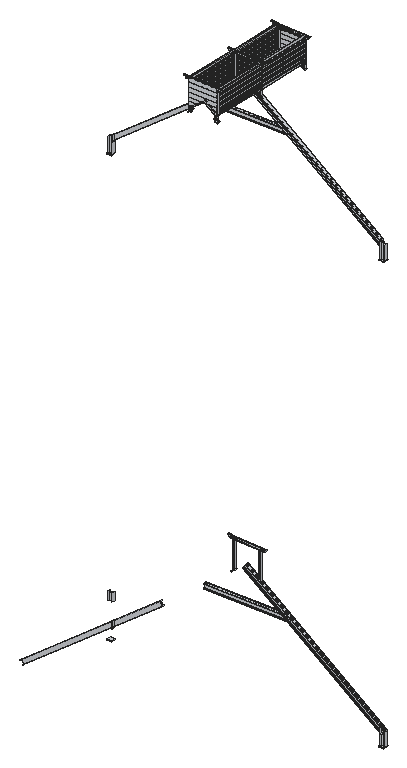
Revit family "STC_A3-Roof-Vent-Steel", category Generic Models, Revit 2016 (continued)
Forms (mm)
  Sweep 93, solid
    path origin (0, 0, 0) x (0, 1, 0) y (0, 0, 1)
      loop
        line (-2572.594, 6069.308) -> (-2572.594, 5139.308) -> (-122.594, 5139.308) -> (-122.594, 6069.308) -> (-2572.594, 6069.308)
    profile origin (0, -1347.594, 6069.308) x (0, 0, 1) y (1, 0, 0)
      loop
        line (-8, -659) -> (32, -659) -> (32, -651) -> (0, -651) -> (0, -609) -> (-8, -609) -> (-8, -659)
      loop
        line (-8, 659) -> (-8, 609) -> (0, 609) -> (0, 651) -> (32, 651) -> (32, 659) -> (-8, 659)
  Extrusion 94, solid
    sketch origin (0, -97.594, 0) x (1, 0, 0) y (0, 0, -1)
      loop
        line (-659, -5139.308) -> (-659, -5131.308) -> (-661.3, -5131.308) -> (-661.3, -5140.19) -> (-616.25, -5185.24) -> (-616.25, -5193.308) -> (-614, -5193.308) -> (-614, -5184.308) -> (-659, -5139.308)
      loop
        line (-659, -5190.366) -> (-659, -5182.366) -> (-661.3, -5182.366) -> (-661.3, -5191.248) -> (-616.25, -5236.298) -> (-616.25, -5244.366) -> (-614, -5244.366) -> (-614, -5235.366) -> (-659, -5190.366)
      loop
        line (-659, -5241.425) -> (-659, -5233.425) -> (-661.3, -5233.425) -> (-661.3, -5242.307) -> (-616.25, -5287.357) -> (-616.25, -5295.425) -> (-614, -5295.425) -> (-614, -5286.425) -> (-659, -5241.425)
      loop
        line (-659, -5292.484) -> (-659, -5284.484) -> (-661.3, -5284.484) -> (-661.3, -5293.366) -> (-616.25, -5338.416) -> (-616.25, -5346.484) -> (-614, -5346.484) -> (-614, -5337.484) -> (-659, -5292.484)
      loop
        line (-659, -5343.543) -> (-659, -5335.543) -> (-661.3, -5335.543) -> (-661.3, -5344.425) -> (-616.25, -5389.475) -> (-616.25, -5397.543) -> (-614, -5397.543) -> (-614, -5388.543) -> (-659, -5343.543)
      loop
        line (-659, -5394.602) -> (-659, -5386.602) -> (-661.3, -5386.602) -> (-661.3, -5395.484) -> (-616.25, -5440.534) -> (-616.25, -5448.602) -> (-614, -5448.602) -> (-614, -5439.602) -> (-659, -5394.602)
      loop
        line (-659, -5445.661) -> (-659, -5437.661) -> (-661.3, -5437.661) -> (-661.3, -5446.543) -> (-616.25, -5491.593) -> (-616.25, -5499.661) -> (-614, -5499.661) -> (-614, -5490.661) -> (-659, -5445.661)
      loop
        line (-659, -5496.719) -> (-659, -5488.719) -> (-661.3, -5488.719) -> (-661.3, -5497.601) -> (-616.25, -5542.651) -> (-616.25, -5550.719) -> (-614, -5550.719) -> (-614, -5541.719) -> (-659, -5496.719)
      loop
        line (-659, -5547.778) -> (-659, -5539.778) -> (-661.3, -5539.778) -> (-661.3, -5548.66) -> (-616.25, -5593.71) -> (-616.25, -5601.778) -> (-614, -5601.778) -> (-614, -5592.778) -> (-659, -5547.778)
      loop
        line (-659, -5598.837) -> (-659, -5590.837) -> (-661.3, -5590.837) -> (-661.3, -5599.719) -> (-616.25, -5644.769) -> (-616.25, -5652.837) -> (-614, -5652.837) -> (-614, -5643.837) -> (-659, -5598.837)
      loop
        line (-659, -5649.896) -> (-659, -5641.896) -> (-661.3, -5641.896) -> (-661.3, -5650.778) -> (-616.25, -5695.828) -> (-616.25, -5703.896) -> (-614, -5703.896) -> (-614, -5694.896) -> (-659, -5649.896)
      loop
        line (-659, -5700.955) -> (-659, -5692.955) -> (-661.3, -5692.955) -> (-661.3, -5701.837) -> (-616.25, -5746.887) -> (-616.25, -5754.955) -> (-614, -5754.955) -> (-614, -5745.955) -> (-659, -5700.955)
      loop
        line (-659, -5752.014) -> (-659, -5744.014) -> (-661.3, -5744.014) -> (-661.3, -5752.896) -> (-616.25, -5797.946) -> (-616.25, -5806.014) -> (-614, -5806.014) -> (-614, -5797.014) -> (-659, -5752.014)
      loop
        line (-659, -5803.072) -> (-659, -5795.072) -> (-661.3, -5795.072) -> (-661.3, -5803.954) -> (-616.25, -5849.004) -> (-616.25, -5857.072) -> (-614, -5857.072) -> (-614, -5848.072) -> (-659, -5803.072)
      loop
        line (-659, -5854.131) -> (-659, -5846.131) -> (-661.3, -5846.131) -> (-661.3, -5855.013) -> (-616.25, -5900.063) -> (-616.25, -5908.131) -> (-614, -5908.131) -> (-614, -5899.131) -> (-659, -5854.131)
      loop
        line (-659, -5905.19) -> (-659, -5897.19) -> (-661.3, -5897.19) -> (-661.3, -5906.072) -> (-616.25, -5951.122) -> (-616.25, -5959.19) -> (-614, -5959.19) -> (-614, -5950.19) -> (-659, -5905.19)
      loop
        line (-659, -5956.249) -> (-659, -5948.249) -> (-661.3, -5948.249) -> (-661.3, -5957.131) -> (-616.25, -6002.181) -> (-616.25, -6010.249) -> (-614, -6010.249) -> (-614, -6001.249) -> (-659, -5956.249)
      loop
        line (-659, -6007.308) -> (-659, -5999.308) -> (-661.3, -5999.308) -> (-661.3, -6008.19) -> (-616.25, -6053.24) -> (-616.25, -6061.308) -> (-614, -6061.308) -> (-614, -6052.308) -> (-659, -6007.308)
      loop
        line (659, -5139.308) -> (614, -5184.308) -> (614, -5193.308) -> (616.25, -5193.308) -> (616.25, -5185.24) -> (661.3, -5140.19) -> (661.3, -5131.308) -> (659, -5131.308) -> (659, -5139.308)
      loop
        line (659, -5190.366) -> (614, -5235.366) -> (614, -5244.366) -> (616.25, -5244.366) -> (616.25, -5236.298) -> (661.3, -5191.248) -> (661.3, -5182.366) -> (659, -5182.366) -> (659, -5190.366)
      loop
        line (659, -5241.425) -> (614, -5286.425) -> (614, -5295.425) -> (616.25, -5295.425) -> (616.25, -5287.357) -> (661.3, -5242.307) -> (661.3, -5233.425) -> (659, -5233.425) -> (659, -5241.425)
      loop
        line (659, -5292.484) -> (614, -5337.484) -> (614, -5346.484) -> (616.25, -5346.484) -> (616.25, -5338.416) -> (661.3, -5293.366) -> (661.3, -5284.484) -> (659, -5284.484) -> (659, -5292.484)
      loop
        line (659, -5343.543) -> (614, -5388.543) -> (614, -5397.543) -> (616.25, -5397.543) -> (616.25, -5389.475) -> (661.3, -5344.425) -> (661.3, -5335.543) -> (659, -5335.543) -> (659, -5343.543)
      loop
        line (659, -5394.602) -> (614, -5439.602) -> (614, -5448.602) -> (616.25, -5448.602) -> (616.25, -5440.534) -> (661.3, -5395.484) -> (661.3, -5386.602) -> (659, -5386.602) -> (659, -5394.602)
      loop
        line (659, -5445.661) -> (614, -5490.661) -> (614, -5499.661) -> (616.25, -5499.661) -> (616.25, -5491.593) -> (661.3, -5446.543) -> (661.3, -5437.661) -> (659, -5437.661) -> (659, -5445.661)
      loop
        line (659, -5496.719) -> (614, -5541.719) -> (614, -5550.719) -> (616.25, -5550.719) -> (616.25, -5542.651) -> (661.3, -5497.601) -> (661.3, -5488.719) -> (659, -5488.719) -> (659, -5496.719)
      loop
        line (659, -5547.778) -> (614, -5592.778) -> (614, -5601.778) -> (616.25, -5601.778) -> (616.25, -5593.71) -> (661.3, -5548.66) -> (661.3, -5539.778) -> (659, -5539.778) -> (659, -5547.778)
      loop
        line (659, -5598.837) -> (614, -5643.837) -> (614, -5652.837) -> (616.25, -5652.837) -> (616.25, -5644.769) -> (661.3, -5599.719) -> (661.3, -5590.837) -> (659, -5590.837) -> (659, -5598.837)
      loop
        line (659, -5649.896) -> (614, -5694.896) -> (614, -5703.896) -> (616.25, -5703.896) -> (616.25, -5695.828) -> (661.3, -5650.778) -> (661.3, -5641.896) -> (659, -5641.896) -> (659, -5649.896)
      loop
        line (659, -5700.955) -> (614, -5745.955) -> (614, -5754.955) -> (616.25, -5754.955) -> (616.25, -5746.887) -> (661.3, -5701.837) -> (661.3, -5692.955) -> (659, -5692.955) -> (659, -5700.955)
      loop
        line (659, -5752.014) -> (614, -5797.014) -> (614, -5806.014) -> (616.25, -5806.014) -> (616.25, -5797.946) -> (661.3, -5752.896) -> (661.3, -5744.014) -> (659, -5744.014) -> (659, -5752.014)
      loop
        line (659, -5803.072) -> (614, -5848.072) -> (614, -5857.072) -> (616.25, -5857.072) -> (616.25, -5849.004) -> (661.3, -5803.954) -> (661.3, -5795.072) -> (659, -5795.072) -> (659, -5803.072)
      loop
        line (659, -5854.131) -> (614, -5899.131) -> (614, -5908.131) -> (616.25, -5908.131) -> (616.25, -5900.063) -> (661.3, -5855.013) -> (661.3, -5846.131) -> (659, -5846.131) -> (659, -5854.131)
      loop
        line (659, -5905.19) -> (614, -5950.19) -> (614, -5959.19) -> (616.25, -5959.19) -> (616.25, -5951.122) -> (661.3, -5906.072) -> (661.3, -5897.19) -> (659, -5897.19) -> (659, -5905.19)
      loop
        line (659, -5956.249) -> (614, -6001.249) -> (614, -6010.249) -> (616.25, -6010.249) -> (616.25, -6002.181) -> (661.3, -5957.131) -> (661.3, -5948.249) -> (659, -5948.249) -> (659, -5956.249)
      loop
        line (659, -6007.308) -> (614, -6052.308) -> (614, -6061.308) -> (616.25, -6061.308) -> (616.25, -6053.24) -> (661.3, -6008.19) -> (661.3, -5999.308) -> (659, -5999.308) -> (659, -6007.308)
    from 33 to 2467
  Extrusion 95, void
    sketch origin (-3827.05, 2304.812, 4727.74) x (0, 0, 1) y (-1, 0, 0)
      loop
        line (1384.516, -3056.254) -> (1509.062, -2929.375) -> (1510.378, -2892.051) -> (1390.452, -2887.824) -> (1384.516, -3056.254)
    from -445.188 to 250
  Extrusion 96, void
    sketch origin (-3827.05, -2695.188, 4727.74) x (0, 0, 1) y (-1, 0, 0)
      loop
        line (1384.516, -3056.254) -> (1509.062, -2929.375) -> (1510.378, -2892.051) -> (1390.452, -2887.824) -> (1384.516, -3056.254)
      loop
        line (1367.098, -3181.631) -> (1367.098, -3196.631) -> (1507.098, -3196.631) -> (1507.098, -3181.631) -> (1367.098, -3181.631)
    from -445.188 to 250
  Extrusion 97, void
    sketch origin (3827.05, -2597.594, 4727.74) x (0, 0, 1) y (-1, 0, 0)
      loop
        line (1445.532, 2922.164) -> (1334.587, 3039.261) -> (1328.992, 2880.51) -> (1443.921, 2876.459) -> (1445.532, 2922.164)
    from -445.188 to 250
  Extrusion 98, void
    sketch origin (3827.05, 2402.406, 4727.74) x (0, 0, 1) y (-1, 0, 0)
      loop
        line (1445.532, 2922.164) -> (1334.587, 3039.261) -> (1328.992, 2880.51) -> (1443.921, 2876.459) -> (1445.532, 2922.164)
      loop
        line (1447.511, 3177.05) -> (1447.511, 3196.694) -> (1340.136, 3196.694) -> (1340.136, 3177.05) -> (1447.511, 3177.05)
    from -445.188 to 250
  Extrusion 99, solid
    sketch origin (0, 0, 52) x (0, 1, 0) y (0, 0, 1)
      loop
        line (2434.4, 6172.118) -> (2427.406, 6171.838) -> (2436.406, 5946.838) -> (2443.4, 5947.118) -> (2434.4, 6172.118)
      loop
        line (2434.4, 5972.118) -> (2427.406, 5971.838) -> (2436.406, 5746.838) -> (2443.4, 5747.118) -> (2434.4, 5972.118)
      loop
        line (2434.4, 5772.118) -> (2427.406, 5771.838) -> (2436.406, 5546.838) -> (2443.4, 5547.118) -> (2434.4, 5772.118)
      loop
        line (2434.4, 5572.118) -> (2427.406, 5571.838) -> (2436.406, 5346.838) -> (2443.4, 5347.118) -> (2434.4, 5572.118)
      loop
        line (2434.4, 5372.118) -> (2427.406, 5371.838) -> (2435.284, 5174.884) -> (2442.278, 5175.164) -> (2434.4, 5372.118)
      loop
        line (2433.278, 5200.164) -> (2426.284, 5199.884) -> (2434.162, 5002.93) -> (2441.156, 5003.21) -> (2433.278, 5200.164)
      loop
        line (2432.156, 5028.21) -> (2425.162, 5027.93) -> (2433.04, 4830.976) -> (2440.035, 4831.255) -> (2432.156, 5028.21)
    from -651 to 650
  Extrusion 100, void
    sketch origin (0, 0, 0) x (1, 0, 0) y (0, 0, 1)
      loop
        line (-674.657, 6221.938) -> (668.181, 6174.61) -> (668.181, 6274.61) -> (-674.657, 6274.61) -> (-674.657, 6221.938)
      loop
        line (-668.727, 4960.776) -> (-668.727, 4724.651) -> (663.394, 4724.651) -> (663.394, 4964.651) -> (0, 5446.635) -> (-668.727, 4960.776)
    from -2507.784 to -2275.493
  Extrusion 101, solid
    sketch origin (0, -195.188, 52) x (0, -1, 0) y (0, 0, -1)
      loop
        line (2434.4, -6172.118) -> (2443.4, -5947.118) -> (2436.406, -5946.838) -> (2427.406, -6171.838) -> (2434.4, -6172.118)
      loop
        line (2434.4, -5972.118) -> (2443.4, -5747.118) -> (2436.406, -5746.838) -> (2427.406, -5971.838) -> (2434.4, -5972.118)
      loop
        line (2434.4, -5772.118) -> (2443.4, -5547.118) -> (2436.406, -5546.838) -> (2427.406, -5771.838) -> (2434.4, -5772.118)
      loop
        line (2434.4, -5572.118) -> (2443.4, -5347.118) -> (2436.406, -5346.838) -> (2427.406, -5571.838) -> (2434.4, -5572.118)
      loop
        line (2434.4, -5372.118) -> (2442.278, -5175.164) -> (2435.284, -5174.884) -> (2427.406, -5371.838) -> (2434.4, -5372.118)
      loop
        line (2433.278, -5200.164) -> (2441.156, -5003.21) -> (2434.162, -5002.93) -> (2426.284, -5199.884) -> (2433.278, -5200.164)
      loop
        line (2432.156, -5028.21) -> (2440.035, -4831.255) -> (2433.04, -4830.976) -> (2425.162, -5027.93) -> (2432.156, -5028.21)
    from -651 to 650
  Extrusion 102, void
    sketch origin (0, -195.188, 0) x (1, 0, 0) y (0, 0, -1)
      loop
        line (-674.657, -6221.938) -> (-674.657, -6274.61) -> (668.181, -6274.61) -> (668.181, -6174.61) -> (-674.657, -6221.938)
      loop
        line (-668.727, -4960.776) -> (0, -5446.635) -> (663.394, -4964.651) -> (663.394, -4724.651) -> (-668.727, -4724.651) -> (-668.727, -4960.776)
    from -2507.784 to -2275.493
Cuts and joins
  Extrusion 4, Extrusion 6, Extrusion 19, Extrusion 31, Extrusion 32, Extrusion 45 cuts Sweep 2
  Extrusion 19, Extrusion 31, Extrusion 32, Extrusion 45 cuts Extrusion 17
  joined: Sweep 2, Extrusion 17
  Extrusion 10, Extrusion 11, Extrusion 20, Extrusion 23, Extrusion 35, Extrusion 36, Extrusion 42 cuts Sweep 9
  Extrusion 20, Extrusion 23, Extrusion 35, Extrusion 36, Extrusion 42 cuts Extrusion 16
  joined: Sweep 9, Extrusion 16
  Extrusion 7, Extrusion 12, Extrusion 19, Extrusion 20 cuts Sweep 3
  Extrusion 5, Extrusion 31, Extrusion 32 cuts Sweep 1
  Extrusion 13, Extrusion 35, Extrusion 36 cuts Sweep 8
  Extrusion 19, Extrusion 23, Extrusion 42, Extrusion 43, Extrusion 45, Extrusion 47, Extrusion 95, Extrusion 97, Extrusion 100 cuts Sweep 18
  Extrusion 23, Extrusion 42 cuts Extrusion 21
  Extrusion 20, Extrusion 25, Extrusion 43, Extrusion 95, Extrusion 100 cuts Sweep 24
  Extrusion 25, Extrusion 47, Extrusion 97 cuts Sweep 26
  Extrusion 31 cuts Sweep 28
  Extrusion 31 cuts Sweep 29
  Extrusion 31 cuts Extrusion 40
  Extrusion 35 cuts Sweep 33
  Extrusion 35 cuts Sweep 34
  Extrusion 35 cuts Extrusion 39
  Extrusion 42 cuts Sweep 41
  Extrusion 42 cuts Extrusion 44
  Extrusion 43, Extrusion 95, Extrusion 97, Extrusion 98, Extrusion 100 cuts Extrusion 27
  Extrusion 43 cuts Sweep 46
  Extrusion 45 cuts Extrusion 22
  Extrusion 47 cuts Sweep 48
  Extrusion 95, Extrusion 96, Extrusion 97, Extrusion 100, Extrusion 102 cuts Extrusion 89
  Extrusion 95, Extrusion 97, Extrusion 98 cuts Sweep 93
  Extrusion 96, Extrusion 102 cuts Sweep 79
  Extrusion 95, Extrusion 96, Extrusion 102 cuts Sweep 82
  Extrusion 96 cuts Sweep 87
  Extrusion 97, Extrusion 98 cuts Extrusion 92
  Extrusion 97, Extrusion 102 cuts Extrusion 94
  Extrusion 98 cuts Sweep 84
  Extrusion 97, Extrusion 98 cuts Sweep 88
  Extrusion 98, Extrusion 102 cuts Sweep 83
  Extrusion 100, Extrusion 102 cuts Extrusion 99
  Extrusion 102 cuts Extrusion 80
  Extrusion 102 cuts Extrusion 81
  Extrusion 102 cuts Extrusion 90
  Extrusion 102 cuts Extrusion 101
Dimensions and locks
  cut or joined group of Sweep 3, Extrusion 7, Extrusion 12, Extrusion 19, Extrusion 20 to plane 4 = 696.6 mm
